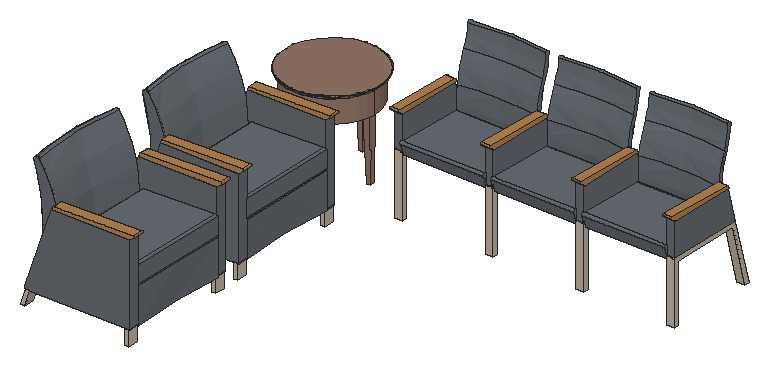
Revit family "T300157", category Furniture, Revit 2022
Family settings
  OmniClass Number = 23.40.20.00
  OmniClass Title = General Furniture and Specialties
  Work Plane-Based = No
  Always vertical = Yes
  Cut with Voids When Loaded = No
  Render Appearance Source = Family Geometry
  Shared = No
  Room Calculation Point = No
Parameters
  Default Elevation = 0' - 0"
Reference planes (in)
  plane 1 "Center Front/Back": y = 0
  plane 2: z = 0
  plane 3 "Center Left/Right": x = 0
Dimensions and locks (in)
  aligned and locked: level to plane 2
Nested families (in)
  nested 1: "INTERLUDE LOUNGE" at (-49, -17.16819, 0) x (0, 1, 0) z (0, 0, 1), type "INTERLUDE LOUNGE CHAIR"
  nested 2: "INTERLUDE LOUNGE" at (-49, 17.16819, 0) x (0, -1, 0) z (0, 0, 1), type "INTERLUDE LOUNGE CHAIR"
  nested 3: "CAR_EMBRACE_TABLES_RVT" at (-49, 49, 0), type "ROUND END TABLE 24"
  nested 4: "INTERLUDE MULTIPLE" at (-14.5, 52, 0), type "UPHOLSTERED BACK W/ UPHOLSTERED ARM PANELS, BASE CHAIR"
  nested 5: "INTERLUDE MULTIPLE" at (8.5, 52, 0), type "UPHOLSTERED BACK W/ UPHOLSTERED ARM PANELS, ADD ON CHAIR"
  nested 6: "INTERLUDE MULTIPLE" at (31.5, 52, 0), type "UPHOLSTERED BACK W/ UPHOLSTERED ARM PANELS, ADD ON CHAIR"
Definition of nested family "INTERLUDE LOUNGE"
  Parameters (values of type "INTERLUDE LOUNGE CHAIR")
    Width = 2' - 6"
    URL = "http://ofsbrands.com"
    Seat Material = none
    Model = "921-1"
    Manufacturer = "OFS BRANDS"
    Legs Material = none
    Height = 2' - 9 1/2"
    Description = "OFS BRANDS INTERLUDE LOUNGE CHAIR STANDARD FEATURES 30\""
    Depth = 2' - 4"
    Default Elevation = 0' - 0"
    Copyright © = "© OFS BRANDS 2017"
    Catalog = "OFS BRANDS http://ofs.com"
    Back Rest Material = none
    Authoring Version = "Autodesk Revit Architecture 2013"
    Assembly Code = "E2020200"
    ArmWidth = 0' - 2 1/2"
    Arm Rest Material = none
    Arm Caps Material = none
    3 = no
    2 = no
    1 = yes
  Types (4): name | Width | Model | Description | 3 | 2 | 1
    (no name) | 2' - 6" | "921-1" | "OFS BRANDS INTERLUDE LOUNGE CHAIR STANDARD FEATURES 30\"" | no | no | yes
    INTERLUDE LOUNGE CHAIR | 2' - 6" | "921-1" | "OFS BRANDS INTERLUDE LOUNGE CHAIR STANDARD FEATURES 30\"" | no | no | yes
    INTERLUDE LOUNGE LOVESEAT | 4' - 5" | "921-2" | "OFS BRANDS INTERLUDE LOUNGE LOVESEAT STANDARD FEATURES 53\"" | no | yes | no
    INTERLUDE LOUNGE SOFA | 6' - 6" | "921-3" | "OFS BRANDS INTERLUDE LOUNGE SOFA STANDARD FEATURES 78\"" | yes | no | no
  Reference planes (in)
    plane 1 "Center Front/Back": y = 0
    plane 2: z = 0
    plane 3 "Center Left/Right": x = 0
    plane 4 "Left End": x = -15
    plane 5 "Front End": y = -14
    plane 6 "Right End": x = 15
    plane 7 "Back End": y = 14
    plane 8: x = -12.5
    plane 9: x = 12.5
    plane 10: z = 33.5
    plane 11: z = 3.75
  Forms (in)
    Extrusion 1, solid, material <- "Arm Caps Material"
      sketch origin (0, 0, 0) x (0, 1, 0) y (0, 0, 1)
        loop
          line (-13.72355, 24.258) -> (5.74906, 24.258)
          arc (5.74906, 24.258) -> (5.84823, 24.3069) -> (5.8698, 24.41535) r 0.125
          line (5.8698, 24.41535) -> (5.72867, 24.94206)
          arc (5.72867, 24.94206) -> (5.68568, 25.00759) -> (5.61212, 25.03464) r 0.125
          line (5.61212, 25.03464) -> (-14.74163, 25.6244)
          arc (-14.74163, 25.6244) -> (-14.98466, 25.46078) -> (-14.90542, 25.17872) r 0.25
          line (-14.90542, 25.17872) -> (-13.7624, 24.27154)
          arc (-13.7624, 24.27154) -> (-13.74412, 24.26148) -> (-13.72355, 24.258) r 0.0625
      from 12.5 to 15
    Extrusion 2, solid, material <- "Legs Material"
      sketch origin (0, 0, 0) x (0, 1, 0) y (0, 0, 1)
        loop
          line (-13.49635, 3.75) -> (-13.49635, 0) -> (-12.49635, 0) -> (-12.49635, 3.75) -> (-13.49635, 3.75)
        loop
          line (11.70507, 3.75) -> (12.9963, 0) -> (14.05392, 0) -> (12.76269, 3.75) -> (11.70507, 3.75)
      from 12.5 to 15
    Extrusion 3, solid, material <- "Legs Material"
      sketch origin (0, 0, 0) x (0, 1, 0) y (0, 0, -1)
        loop
          line (14.05392, 0) -> (12.9963, 0) -> (11.70507, -3.75) -> (12.76269, -3.75) -> (14.05392, 0)
        loop
          line (-12.49635, 0) -> (-13.49635, 0) -> (-13.49635, -3.75) -> (-12.49635, -3.75) -> (-12.49635, 0)
      from 12.5 to 15
    Extrusion 4, solid, material <- "Arm Rest Material"
      sketch origin (0, 0, 0) x (0, 1, 0) y (0, 0, 1)
        loop
          line (-13.74635, 24.258) -> (-13.74635, 3.875)
          arc (-13.74635, 3.875) -> (-13.70974, 3.78661) -> (-13.62135, 3.75) r 0.125
          line (-13.62135, 3.75) -> (12.36931, 3.75)
          arc (12.36931, 3.75) -> (12.77637, 3.95965) -> (12.84207, 4.41278) r 0.5
          line (12.84207, 4.41278) -> (6.00882, 24.258) -> (-13.74635, 24.258)
      from 12.5 to 15
    Extrusion 5, solid, material <- "Arm Rest Material"
      sketch origin (0, 0, 0) x (0, 1, 0) y (0, 0, -1)
        loop
          line (-13.74635, -24.258) -> (6.00882, -24.258) -> (12.84207, -4.41278)
          arc (12.84207, -4.41278) -> (12.77637, -3.95965) -> (12.36931, -3.75) r 0.5
          line (12.36931, -3.75) -> (-13.62135, -3.75)
          arc (-13.62135, -3.75) -> (-13.70974, -3.78661) -> (-13.74635, -3.875) r 0.125
          line (-13.74635, -3.875) -> (-13.74635, -24.258)
      from 12.5 to 15
    Extrusion 6, solid, material <- "Arm Caps Material"
      sketch origin (0, 0, 0) x (0, 1, 0) y (0, 0, -1)
        loop
          arc (5.61212, -25.03464) -> (5.68568, -25.00759) -> (5.72867, -24.94206) r 0.125
          line (5.72867, -24.94206) -> (5.8698, -24.41535)
          arc (5.8698, -24.41535) -> (5.84823, -24.3069) -> (5.74906, -24.258) r 0.125
          line (5.74906, -24.258) -> (-13.72355, -24.258)
          arc (-13.72355, -24.258) -> (-13.74412, -24.26148) -> (-13.7624, -24.27154) r 0.0625
          line (-13.7624, -24.27154) -> (-14.90542, -25.17872)
          arc (-14.90542, -25.17872) -> (-14.98466, -25.46078) -> (-14.74163, -25.6244) r 0.25
          line (-14.74163, -25.6244) -> (5.61212, -25.03464)
      from 12.5 to 15
    Revolve 7, solid, material <- "Back Rest Material", visible <- "1"
      sketch origin (0, 0, 0) x (0, 1, 0) y (0, 0, 1)
        loop
          arc (13.71652, 32.2244) -> (13.69894, 32.57687) -> (13.45266, 32.82963) r 0.49918
          line (13.45266, 32.82963) -> (12.9598, 33.05991)
          arc (12.9598, 33.05991) -> (12.61293, 33.08829) -> (12.33157, 32.88345) r 0.5
          arc (12.33157, 32.88345) -> (7.7674, 21.86459) -> (7.69528, 9.93807) r 31.03911
          arc (7.69528, 9.93807) -> (8.31489, 7.04507) -> (8.91992, 4.14898) r 587.23286
          arc (8.91992, 4.14898) -> (9.09378, 3.86237) -> (9.40961, 3.75) r 0.5
          line (9.40961, 3.75) -> (13.34847, 3.75)
          arc (13.34847, 3.75) -> (13.55472, 3.85671) -> (13.58676, 4.08671) r 0.25267
          arc (13.58676, 4.08671) -> (11.55194, 18.16524) -> (13.71652, 32.2244) r 48.18401
        axis (-52.05091, 33.05991) -> (-52.05091, 3.75)
      angle from 12 to -12
    Extrusion 8, solid, material <- "Seat Material"
      sketch origin (0, 0, 0) x (0, 1, 0) y (0, 0, 1)
        loop
          line (-12.49635, 13.75) -> (4.37865, 13.75) -> (4.37865, 12.75) -> (4.62865, 12.75)
          arc (4.62865, 12.75) -> (4.98221, 12.89645) -> (5.12865, 13.25) r 0.5
          line (5.12865, 13.25) -> (5.12865, 16.85423)
          arc (5.12865, 16.85423) -> (5.00369, 17.18491) -> (4.69125, 17.3503) r 0.5
          arc (4.69125, 17.3503) -> (-4.35092, 18.08557) -> (-13.42267, 18.01622) r 102.21579
          arc (-13.42267, 18.01622) -> (-13.7506, 17.87282) -> (-13.90247, 17.54873) r 0.50776
          arc (-13.90247, 17.54873) -> (-13.98886, 15.38145) -> (-13.90963, 13.21391) r 28.40637
          arc (-13.90963, 13.21391) -> (-13.7507, 12.88384) -> (-13.40969, 12.75) r 0.50133
          line (-13.40969, 12.75) -> (-12.49635, 12.75) -> (-12.49635, 13.75)
      from -12.5 to 12.5
    Extrusion 9, void
      sketch origin (0, 0, 0) x (1, 0, 0) y (0, 0, 1)
        loop
          line (-12.5, 33.5) -> (-15, 33.5) -> (-15, 0) -> (-12.5, 0) -> (-12.5, 33.5)
      from -17.14619 to -3.87865
    Extrusion 10, void
      sketch origin (0, 0, 0) x (-1, 0, 0) y (0, 0, -1)
        loop
          line (-12.5, -33.5) -> (-12.5, 0) -> (-15, 0) -> (-15, -33.5) -> (-12.5, -33.5)
      from -17.14619 to -3.87865
    Blend 11, solid, material <- "Seat Material"
      base sketch origin (0, 0, 0) x (1, 0, 0) y (0, 1, 0)
        loop
          arc (-12.5, -13.92267) -> (0, -13.25139) -> (12.5, -13.92267) r 116.71723
          line (12.5, -13.92267) -> (12.5, -12.90169)
          arc (12.5, -12.90169) -> (0, -12.23623) -> (-12.5, -12.90169) r 117.73239
          line (-12.5, -12.90169) -> (-12.5, -13.92267)
      top sketch origin (0, 0, 0) x (1, 0, 0) y (0, 1, 0)
        loop
          line (12.5, -12.90169) -> (-12.5, -12.90169) -> (-12.5, -13.92267) -> (12.5, -13.92267) -> (12.5, -12.90169)
      from 3.75 to 12.75
    Revolve 12, solid, material <- "Back Rest Material", visible <- "2"
      sketch origin (0, 0, 0) x (0, 1, 0) y (0, 0, 1)
        loop
          arc (13.71652, 32.2244) -> (13.69894, 32.57687) -> (13.45266, 32.82963) r 0.49918
          line (13.45266, 32.82963) -> (12.9598, 33.05991)
          arc (12.9598, 33.05991) -> (12.61293, 33.08829) -> (12.33157, 32.88345) r 0.5
          arc (12.33157, 32.88345) -> (7.7674, 21.86459) -> (7.69528, 9.93807) r 31.03911
          arc (7.69528, 9.93807) -> (8.31489, 7.04507) -> (8.91992, 4.14898) r 587.23286
          arc (8.91992, 4.14898) -> (9.09378, 3.86237) -> (9.40961, 3.75) r 0.5
          line (9.40961, 3.75) -> (13.34847, 3.75)
          arc (13.34847, 3.75) -> (13.55472, 3.85671) -> (13.58676, 4.08671) r 0.25267
          arc (13.58676, 4.08671) -> (11.55194, 18.16524) -> (13.71652, 32.2244) r 48.18401
        axis (-136.12135, 33.05991) -> (-136.12135, 3.75)
      angle from -10 to 10
    Revolve 13, solid, material <- "Back Rest Material", visible <- "3"
      sketch origin (0, 0, 0) x (0, 1, 0) y (0, 0, 1)
        loop
          arc (13.71652, 32.2244) -> (13.69894, 32.57687) -> (13.45266, 32.82963) r 0.49918
          line (13.45266, 32.82963) -> (12.9598, 33.05991)
          arc (12.9598, 33.05991) -> (12.61293, 33.08829) -> (12.33157, 32.88345) r 0.5
          arc (12.33157, 32.88345) -> (7.7674, 21.86459) -> (7.69528, 9.93807) r 31.03911
          arc (7.69528, 9.93807) -> (8.31489, 7.04507) -> (8.91992, 4.14898) r 587.23286
          arc (8.91992, 4.14898) -> (9.09378, 3.86237) -> (9.40961, 3.75) r 0.5
          line (9.40961, 3.75) -> (13.34847, 3.75)
          arc (13.34847, 3.75) -> (13.55472, 3.85671) -> (13.58676, 4.08671) r 0.25267
          arc (13.58676, 4.08671) -> (11.55194, 18.16524) -> (13.71652, 32.2244) r 48.18401
        axis (-246.12135, 33.05991) -> (-246.12135, 3.75)
      angle from -8.5 to 8.5
  Cuts and joins
    Extrusion 9, Extrusion 10 cuts Revolve 7
    Extrusion 9, Extrusion 10 cuts Revolve 12
    Extrusion 9, Extrusion 10 cuts Revolve 13
  Dimensions and locks (in)
    equal spacing: plane 5 "Front End", plane 1 "Center Front/Back", plane 7 "Back End"
    equal spacing: plane 4 "Left End", plane 3 "Center Left/Right", plane 6 "Right End"
    "Width": plane 4 "Left End" to plane 6 "Right End"
    "Depth": plane 5 "Front End" to plane 7 "Back End"
    "ArmWidth": plane 4 "Left End" to plane 8
    "ArmWidth": plane 9 to plane 6 "Right End"
    "Height": plane 10 to level
    plane 1 "Center Front/Back" to Revolve 7 sketch curve = 4' - 4.05091"
    aligned and locked: level to plane 2
    aligned and locked: plane 9 to Extrusion 2
    aligned and locked: Extrusion 2 to plane 6 "Right End"
    aligned and locked: Extrusion 3 to plane 4 "Left End"
    aligned and locked: plane 8 to Extrusion 3
    aligned and locked: Extrusion 4 to plane 6 "Right End"
    aligned and locked: Extrusion 4 to Extrusion 2
    aligned and locked: Extrusion 5 to plane 4 "Left End"
    aligned and locked: plane 8 to Extrusion 5
    aligned and locked: plane 8 to Extrusion 6
    aligned and locked: Extrusion 6 to plane 4 "Left End"
    aligned and locked: Extrusion 1 to plane 6 "Right End"
    aligned and locked: plane 9 to Extrusion 1
    aligned and locked: Extrusion 8 to plane 8
    aligned and locked: Extrusion 8 to Extrusion 1
    aligned and locked: plane 8 to Extrusion 9 sketch curve
    aligned and locked: Extrusion 9 sketch curve to plane 4 "Left End"
    aligned and locked: plane 9 to Extrusion 10
    aligned and locked: Extrusion 10 to plane 6 "Right End"
    aligned and locked: Extrusion 6 to Blend 11 sketch curve
    aligned and locked: Extrusion 1 to Blend 11 sketch curve
    aligned and locked: Blend 11 sketch curve to plane 8
    aligned and locked: Blend 11 sketch curve to plane 9
    aligned and locked: Blend 11 to Extrusion 2
  Automatic sketch dimensions
    Extrusion 1 sketch curve to plane 5 "Front End" = 0' - 0.90542"
    Extrusion 1 sketch curve to plane 10 = 0' - 9.242"
    Extrusion 1 sketch curve to Extrusion 1 sketch curve = 0' - 0.16379"
    plane 5 "Front End" to Extrusion 1 sketch curve = 0' - 0.2376"
    Extrusion 1 sketch curve to Extrusion 1 sketch curve = 0' - 0.03885"
    Extrusion 1 sketch curve to plane 1 "Center Front/Back" = 0' - 5.61212"
    Extrusion 1 sketch curve to Extrusion 1 sketch curve = 0' - 0.11656"
    Extrusion 1 sketch curve to Extrusion 1 sketch curve = 0' - 0.02039"
    Extrusion 1 sketch curve to Extrusion 1 sketch curve = 0' - 0.12074"
    Extrusion 1 sketch curve to Extrusion 1 sketch curve = 0' - 0.00837"
    Extrusion 1 sketch curve to Extrusion 1 sketch curve = 0' - 0.00419"
    Extrusion 1 sketch curve to Extrusion 1 sketch curve = 0' - 0.01354"
    Extrusion 1 sketch curve to Extrusion 1 sketch curve = 0' - 0.15735"
    Extrusion 1 sketch curve to Extrusion 1 sketch curve = 0' - 0.52671"
    Extrusion 1 sketch curve to Extrusion 1 sketch curve = 0' - 0.09258"
    Extrusion 1 sketch curve to Extrusion 1 sketch curve = 0' - 0.90718"
    Extrusion 1 sketch curve to Extrusion 1 sketch curve = 0' - 0.44568"
    Extrusion 2 sketch curve to level = 0' - 0"  (x3)
    Extrusion 2 sketch curve to plane 11 = 0' - 0"  (x2)
    plane 5 "Front End" to Extrusion 2 sketch curve = 0' - 0.50365"
    Extrusion 2 sketch curve to Extrusion 2 sketch curve = 0' - 1"
    plane 7 "Back End" to Extrusion 2 sketch curve = 0' - 2.29493"
    Extrusion 2 sketch curve to Extrusion 2 sketch curve = 0' - 1.05762"
    plane 7 "Back End" to Extrusion 2 sketch curve = 0' - 1.0037"
    Extrusion 2 sketch curve to plane 7 "Back End" = 0' - 0.05392"
    Extrusion 3 sketch curve to level = 0' - 0"  (x2)
    Extrusion 3 sketch curve to plane 11 = 0' - 0"  (x2)
    plane 5 "Front End" to Extrusion 3 sketch curve = 0' - 0.50365"
    Extrusion 3 sketch curve to Extrusion 3 sketch curve = 0' - 1"
    plane 7 "Back End" to Extrusion 3 sketch curve = 0' - 2.29493"
    Extrusion 3 sketch curve to Extrusion 3 sketch curve = 0' - 1.05762"
    plane 7 "Back End" to Extrusion 3 sketch curve = 0' - 1.0037"
    Extrusion 3 sketch curve to plane 7 "Back End" = 0' - 0.05392"
    Extrusion 4 sketch curve to plane 11 = 0' - 0"
    plane 5 "Front End" to Extrusion 4 sketch curve = 0' - 0.25365"
    plane 11 to Extrusion 4 sketch curve = 0' - 0 1/8"
    Extrusion 4 sketch curve to plane 1 "Center Front/Back" = 0' - 6.00882"
    plane 7 "Back End" to Extrusion 4 sketch curve = 0' - 1.63069"
    plane 11 to Extrusion 4 sketch curve = 0' - 0.66278"
    Extrusion 4 sketch curve to Extrusion 4 sketch curve = 0' - 0.47276"
    Extrusion 4 sketch curve to plane 10 = 0' - 9.242"
    Extrusion 5 sketch curve to plane 11 = 0' - 0"
    plane 5 "Front End" to Extrusion 5 sketch curve = 0' - 0.25365"
    Extrusion 5 sketch curve to plane 10 = 0' - 9.242"
    Extrusion 5 sketch curve to Extrusion 5 sketch curve = 0' - 0 1/8"
    Extrusion 5 sketch curve to plane 1 "Center Front/Back" = 0' - 6.00882"
    plane 7 "Back End" to Extrusion 5 sketch curve = 0' - 1.63069"
    plane 11 to Extrusion 5 sketch curve = 0' - 0.66278"
    Extrusion 5 sketch curve to Extrusion 5 sketch curve = 0' - 0.47276"
    Extrusion 6 sketch curve to plane 5 "Front End" = 0' - 0.90542"
    Extrusion 6 sketch curve to plane 5 "Front End" = 0' - 0.74163"
    Extrusion 6 sketch curve to plane 10 = 0' - 7.8756"
    plane 5 "Front End" to Extrusion 6 sketch curve = 0' - 0.2376"
    Extrusion 6 sketch curve to Extrusion 6 sketch curve = 0' - 0.03885"
    Extrusion 6 sketch curve to plane 1 "Center Front/Back" = 0' - 5.61212"
    Extrusion 6 sketch curve to Extrusion 6 sketch curve = 0' - 0.11656"
    Extrusion 6 sketch curve to Extrusion 6 sketch curve = 0' - 0.02039"
    Extrusion 6 sketch curve to Extrusion 6 sketch curve = 0' - 0.12074"  (x2)
    Extrusion 6 sketch curve to Extrusion 6 sketch curve = 0' - 0.15542"
    Extrusion 6 sketch curve to Extrusion 6 sketch curve = 0' - 0.44568"
    Extrusion 6 sketch curve to plane 10 = 0' - 8.46536"
    Extrusion 6 sketch curve to Extrusion 6 sketch curve = 0' - 0.09258"
    Extrusion 6 sketch curve to Extrusion 6 sketch curve = 0' - 0.52671"
    Extrusion 6 sketch curve to Extrusion 6 sketch curve = 0' - 0.90718"
    Extrusion 6 sketch curve to Extrusion 6 sketch curve = 0' - 0.01354"
    plane 5 "Front End" to Extrusion 8 sketch curve = 0' - 0.59031"
    plane 11 to Extrusion 8 sketch curve = 0' - 9"  (x2)
    Extrusion 8 sketch curve to Extrusion 8 sketch curve = 0' - 0.91335"
    Extrusion 8 sketch curve to plane 1 "Center Front/Back" = 0' - 4.37865"
    Extrusion 8 sketch curve to Extrusion 8 sketch curve = 0' - 0 1/4"
    Extrusion 8 sketch curve to Extrusion 8 sketch curve = 0' - 0 1/2"  (x3)
    plane 5 "Front End" to Extrusion 8 sketch curve = 0' - 0.09037"
    Extrusion 8 sketch curve to Extrusion 8 sketch curve = 0' - 0"  (x4)
    plane 5 "Front End" to Extrusion 8 sketch curve = 0' - 0.09753"
    plane 5 "Front End" to Extrusion 8 sketch curve = 0' - 0.57733"
    plane 5 "Front End" to Extrusion 8 sketch curve = 0' - 0.60374"
    plane 5 "Front End" to Extrusion 8 sketch curve = 0' - 5.89388"
    Extrusion 8 sketch curve to Extrusion 8 sketch curve = 0' - 0.0626"
    Extrusion 8 sketch curve to plane 7 "Back End" = 0' - 0.41747"
    Extrusion 9 sketch curve to level = 0' - 0"
    Extrusion 9 sketch curve to plane 10 = 0' - 0"
    plane 6 "Right End" to Extrusion 10 sketch curve = 0' - 0"
    Extrusion 10 sketch curve to level = 0' - 0"
    plane 9 to Extrusion 10 sketch curve = 0' - 0"
    Extrusion 10 sketch curve to plane 10 = 0' - 0"
    Blend 11 sketch curve to plane 3 "Center Left/Right" = 0' - 0"
    Blend 11 sketch curve to Blend 11 sketch curve = 0' - 0"  (x2)
    Blend 11 sketch curve to Blend 11 sketch curve = 0' - 1.02098"  (x2)
    plane 5 "Front End" to Blend 11 sketch curve = 0' - 0.07733"  (x2)
    Blend 11 sketch curve to plane 5 "Front End" = 9' - 7.96862"
    Revolve 7 sketch curve to plane 11 = 0' - 0"
    plane 7 "Back End" to Revolve 7 sketch curve = 0' - 4.59039"
    Revolve 7 sketch curve to plane 10 = 0' - 0.67037"
    Revolve 7 sketch curve to plane 10 = 0' - 0.44009"
    plane 7 "Back End" to Revolve 7 sketch curve = 0' - 1.0402"
    plane 7 "Back End" to Revolve 7 sketch curve = 0' - 0.65153"
    Revolve 7 sketch curve to Revolve 7 sketch curve = 0' - 0.49286"
    Revolve 7 sketch curve to level = 9' - 6.4899"
    Revolve 7 sketch curve to Revolve 7 sketch curve = 42' - 10.15285"
    Revolve 7 sketch curve to Revolve 7 sketch curve = 0' - 1.71433"
    plane 11 to Revolve 7 sketch curve = 0' - 0.39898"
    Revolve 7 sketch curve to Revolve 7 sketch curve = 0' - 0.48969"
    Revolve 7 sketch curve to Revolve 7 sketch curve = 0' - 0.62823"
    Revolve 7 sketch curve to Revolve 7 sketch curve = 0' - 0"
    Revolve 7 sketch curve to Revolve 7 sketch curve = 0' - 0.41657"
    Revolve 7 sketch curve to Revolve 7 sketch curve = 0' - 0.21131"
    Revolve 7 sketch curve to Revolve 7 sketch curve = 0' - 0 61/256"
    plane 7 "Back End" to Revolve 7 sketch curve = 0' - 0.28348"
    plane 11 to Revolve 7 sketch curve = 0' - 11.96713"
    plane 11 to Revolve 7 sketch curve = 1' - 2.19304"
    Revolve 7 sketch curve to Revolve 7 sketch curve = 1' - 9.54379"
    plane 11 to Revolve 7 sketch curve = 0' - 0.25267"
    plane 11 to Revolve 7 sketch curve = 0' - 7.97049"
    plane 10 to Revolve 7 sketch curve = 0' - 8.22049"
    Revolve 12 sketch curve to plane 11 = 0' - 0"
    plane 7 "Back End" to Revolve 12 sketch curve = 0' - 4.59039"
    Revolve 12 sketch curve to plane 10 = 0' - 0.67037"
    Revolve 12 sketch curve to plane 10 = 0' - 0.44009"
    plane 7 "Back End" to Revolve 12 sketch curve = 0' - 1.0402"
    plane 7 "Back End" to Revolve 12 sketch curve = 0' - 0.65153"
    Revolve 12 sketch curve to Revolve 12 sketch curve = 0' - 0.49286"
    Revolve 12 sketch curve to level = 9' - 6.4899"
    Revolve 12 sketch curve to plane 5 "Front End" = 46' - 0.20376"
    plane 11 to Revolve 12 sketch curve = 0' - 7.97049"
    Revolve 12 sketch curve to plane 5 "Front End" = 10' - 2.12135"
    Revolve 12 sketch curve to Revolve 12 sketch curve = 0' - 1.71433"
    plane 11 to Revolve 12 sketch curve = 0' - 0.39898"
    Revolve 12 sketch curve to Revolve 12 sketch curve = 0' - 0.48969"
    Revolve 12 sketch curve to Revolve 12 sketch curve = 0' - 0.62823"
    Revolve 12 sketch curve to Revolve 12 sketch curve = 0' - 0"
    Revolve 12 sketch curve to Revolve 12 sketch curve = 0' - 0.41657"
    Revolve 12 sketch curve to Revolve 12 sketch curve = 0' - 0.21131"
    Revolve 12 sketch curve to Revolve 12 sketch curve = 0' - 0 61/256"
    plane 7 "Back End" to Revolve 12 sketch curve = 0' - 0.28348"
    plane 11 to Revolve 12 sketch curve = 0' - 11.96713"
    plane 11 to Revolve 12 sketch curve = 1' - 2.19304"
    Revolve 12 sketch curve to Revolve 12 sketch curve = 1' - 9.54379"
    plane 11 to Revolve 12 sketch curve = 0' - 0.25267"
    plane 10 to Revolve 12 sketch curve = 0' - 8.22049"
    Revolve 13 sketch curve to plane 11 = 0' - 0"
    plane 7 "Back End" to Revolve 13 sketch curve = 0' - 4.59039"
    Revolve 13 sketch curve to plane 10 = 0' - 0.67037"
    Revolve 13 sketch curve to plane 10 = 0' - 0.44009"
    plane 7 "Back End" to Revolve 13 sketch curve = 0' - 1.0402"
    plane 7 "Back End" to Revolve 13 sketch curve = 0' - 0.65153"
    Revolve 13 sketch curve to Revolve 13 sketch curve = 0' - 0.49286"
    Revolve 13 sketch curve to level = 9' - 6.4899"
    Revolve 13 sketch curve to plane 5 "Front End" = 46' - 0.20376"
    plane 11 to Revolve 13 sketch curve = 0' - 7.97049"
    Revolve 13 sketch curve to plane 5 "Front End" = 19' - 4.12135"
    Revolve 13 sketch curve to Revolve 13 sketch curve = 0' - 1.71433"
    plane 11 to Revolve 13 sketch curve = 0' - 0.39898"
    Revolve 13 sketch curve to Revolve 13 sketch curve = 0' - 0.48969"
    Revolve 13 sketch curve to Revolve 13 sketch curve = 0' - 0.62823"
    Revolve 13 sketch curve to Revolve 13 sketch curve = 0' - 0"
    Revolve 13 sketch curve to Revolve 13 sketch curve = 0' - 0.21166"
    Revolve 13 sketch curve to Revolve 13 sketch curve = 0' - 0.21131"
    Revolve 13 sketch curve to Revolve 13 sketch curve = 0' - 0 61/256"
    plane 7 "Back End" to Revolve 13 sketch curve = 0' - 0.28348"
    plane 11 to Revolve 13 sketch curve = 0' - 11.96713"
    plane 11 to Revolve 13 sketch curve = 1' - 2.19304"
    Revolve 13 sketch curve to Revolve 13 sketch curve = 1' - 9.54379"
    plane 11 to Revolve 13 sketch curve = 0' - 0.25267"
    plane 10 to Revolve 13 sketch curve = 0' - 8.22049"
Definition of nested family "CAR_EMBRACE_TABLES_RVT"
  Parameters (values of type "ROUND COCKTAIL TABLE")
    W3 = 0' - 0.36405"
    W2 = 0' - 0.82345"
    W = 2' - 0"
    URL = "http://ofsbrands.com"
    SQUARE TABLE = no
    ROUND TABLE = yes
    Model = "EFC108-32RD"
    Manufacturer = "OFS BRANDS"
    LEG.P.R2 = 2' - 3.87996"
    LEG.P.R1 = 2' - 3.87996"
    LEG POSITION1 = 0' - 0 5/8"
    LEG POSITION 2 = 0' - 1 13/16"
    H3 = 0' - 6"
    H2 = 0' - 1"
    H.R2 = 1' - 5"
    H.R = 1' - 6"
    H LEG = 0' - 11"
    H = 1' - 6"
    Description = "OFS BRANDS Embrace Tables"
    Default Elevation = 0' - 0"
    DIAMETER2 = 2' - 5.06353"
    DIAMETER = 2' - 8.18395"
    D2 = 0' - 1 3/16"
    D = 2' - 0"
    Copyright © = "© OFS BRANDS 2017"
    Catalog = "OFS BRANDS http://ofs.com"
    Authoring Version = "Autodesk Revit Architecture 2013"
    Assembly Code = "E2020200"
  Types (6): name | W | SQUARE TABLE | ROUND TABLE | Model | LEG.P.R2 | LEG.P.R1 | H.R2 | H.R | H LEG | H | DIAMETER2 | DIAMETER | D
    (no name) | 2' - 0" | no | yes | "EFC108-32RD" | 2' - 3.87996" | 2' - 3.87996" | 1' - 5" | 1' - 6" | 0' - 11" | 1' - 6" | 2' - 5.06353" | 2' - 8.18395" | 2' - 0"
    RECTANGLE CONSOLE TABLE | 5' - 0" | yes | no | "EFC108-18X60" | 1' - 2 5/32" | 1' - 2 5/32" | 2' - 11" | 3' - 0" | 2' - 5" | 3' - 0" | 1' - 4" | 1' - 5" | 1' - 6"
    SQUARE END TABLE | 2' - 0" | yes | no | "EFC108-24SQ" | 1' - 4" | 1' - 4" | 1' - 5" | 1' - 6" | 1' - 4" | 1' - 11" | 1' - 5" | 1' - 6" | 2' - 0"
    ROUND COCKTAIL TABLE | 2' - 0" | no | yes | "EFC108-32RD" | 2' - 3.87996" | 2' - 3.87996" | 1' - 5" | 1' - 6" | 0' - 11" | 1' - 6" | 2' - 5.06353" | 2' - 8.18395" | 2' - 0"
    ROUND END TABLE 24 | 2' - 0" | no | yes | "EFC108-24RD" | 1' - 8 5/32" | 1' - 8 5/32" | 1' - 10" | 1' - 11" | 1' - 4" | 1' - 11" | 1' - 9 1/2" | 2' - 0" | 2' - 0"
    ROUND END TABLE 18 | 2' - 0" | no | yes | "EFC108-18RD" | 1' - 2 5/32" | 1' - 2 5/32" | 1' - 10" | 1' - 11" | 1' - 4" | 1' - 11" | 1' - 3 1/2" | 1' - 6" | 2' - 0"
  Reference planes (in)
    plane 1 "Center F/B": y = 0
    plane 2: z = 0
    plane 3 "Center L/R": x = 0
    plane 4: y = 12
    plane 5: y = -12
    plane 6: x = -12
    plane 7: x = 12
    plane 8: z = 18
    plane 9: y = 11.17655
    plane 10: y = -11.17655
    plane 11: y = 10.812
    plane 12: y = -10.8125
    plane 13: y = -10.1875
    plane 14: y = 10.187
    plane 15: x = -10.1875
    plane 16: x = -29.17655
    plane 17: x = -10.8125
    plane 18: x = 29.17655
    plane 19: x = 10.8125
    plane 20: x = 10.1875
    plane 21: z = 17
    plane 22: z = 11
    plane 23: z = 11
    plane 24: y = 13.93998
    plane 25: y = -13.93998
    plane 26: x = -13.93998
    plane 27: x = 13.93998
    plane 28: z = 18
    plane 29: z = 17
  Forms (in)
    Extrusion 1, solid, visible <- "SQUARE TABLE"
      sketch origin (0, 0, 0) x (1, 0, 0) y (0, 1, 0)
        loop
          line (-10.8125, 10.812) -> (-10.8125, -10.8125) -> (10.8125, -10.8125) -> (10.8125, 10.812) -> (-10.8125, 10.812)
      from 11 to 17
    Blend 2, solid, visible <- "SQUARE TABLE"
      base sketch origin (0, 0, 0) x (1, 0, 0) y (0, 1, 0)
        loop
          line (-10.1875, 8.8125) -> (-8.8125, 8.8125) -> (-8.8125, 10.187) -> (-10.1875, 10.187) -> (-10.1875, 8.8125)
      top sketch origin (0, 0, 0) x (1, 0, 0) y (0, 1, 0)
        loop
          line (-10.1875, 10.187) -> (-10.1875, 8.43754) -> (-8.4375, 8.43754) -> (-8.4375, 10.187) -> (-10.1875, 10.187)
      from 0 to 11
    Blend 3, solid, visible <- "SQUARE TABLE"
      base sketch origin (0, 0, 0) x (1, 0, 0) y (0, 1, 0)
        loop
          line (-10.1875, -8.8125) -> (-10.1875, -10.187) -> (-8.8125, -10.187) -> (-8.8125, -8.8125) -> (-10.1875, -8.8125)
      top sketch origin (0, 0, 0) x (1, 0, 0) y (0, 1, 0)
        loop
          line (-10.1875, -10.187) -> (-8.4375, -10.187) -> (-8.4375, -8.43754) -> (-10.1875, -8.43754) -> (-10.1875, -10.187)
      from 0 to 11
    Blend 4, solid, visible <- "SQUARE TABLE"
      base sketch origin (0, 0, 0) x (-1, 0, 0) y (0, -1, 0)
        loop
          line (-10.1875, -8.8125) -> (-10.1875, -10.187) -> (-8.8125, -10.187) -> (-8.8125, -8.8125) -> (-10.1875, -8.8125)
      top sketch origin (0, 0, 0) x (-1, 0, 0) y (0, -1, 0)
        loop
          line (-10.1875, -10.187) -> (-8.4375, -10.187) -> (-8.4375, -8.43754) -> (-10.1875, -8.43754) -> (-10.1875, -10.187)
      from 0 to 11
    Blend 5, solid, visible <- "SQUARE TABLE"
      base sketch origin (0, 0, 0) x (-1, 0, 0) y (0, -1, 0)
        loop
          line (-10.1875, 8.8125) -> (-8.8125, 8.8125) -> (-8.8125, 10.187) -> (-10.1875, 10.187) -> (-10.1875, 8.8125)
      top sketch origin (0, 0, 0) x (-1, 0, 0) y (0, -1, 0)
        loop
          line (-10.1875, 10.187) -> (-10.1875, 8.43754) -> (-8.4375, 8.43754) -> (-8.4375, 10.187) -> (-10.1875, 10.187)
      from 0 to 11
    Extrusion 6, solid, visible <- "SQUARE TABLE"
      sketch origin (0, 0, 0) x (1, 0, 0) y (0, 1, 0)
        loop
          line (-12, 12) -> (-12, -12) -> (12, -12) -> (12, 12) -> (-12, 12)
      from 17 to 18
    Sweep 7, void
      path in 3D
        loop
          line (-12, 12, 18) -> (-12, -12, 18) -> (12, -12, 18) -> (12, 12, 18) -> (-12, 12, 18)
      profile origin (0, 12, 18) x (0, -1, 0) y (0, 0, 1)
        loop
          line (-0.04469, 0.02093) -> (-0.04469, -1) -> (0.82345, -1) -> (0.06073, -0.30015)
          arc (0.06073, -0.30015) -> (0.00633, -0.11369) -> (0.14635, 0.02093) r 0.1875
          line (0.14635, 0.02093) -> (-0.04469, 0.02093)
    Blend 8, solid, visible <- "ROUND TABLE"
      base sketch origin (0, 0, 0) x (0, 1, 0) y (-1, 0, 0)
        loop
          line (-0.5, 13.93998) -> (-0.5, 12.93998) -> (0.5, 12.93998) -> (0.5, 13.93998) -> (-0.5, 13.93998)
      top sketch origin (0, 0, 0) x (0, 1, 0) y (-1, 0, 0)
        loop
          line (-0.87471, 13.93998) -> (-0.87471, 12.19114) -> (0.87471, 12.19114) -> (0.87471, 13.93998) -> (-0.87471, 13.93998)
      from 0 to 11
    Blend 9, solid, visible <- "ROUND TABLE"
      base sketch origin (0, 0, 0) x (0, 1, 0) y (-1, 0, 0)
        loop
          line (-0.5, -13.93998) -> (0.5, -13.93998) -> (0.5, -12.93998) -> (-0.5, -12.93998) -> (-0.5, -13.93998)
      top sketch origin (0, 0, 0) x (0, 1, 0) y (-1, 0, 0)
        loop
          line (-0.87471, -13.93998) -> (0.87471, -13.93998) -> (0.87471, -12.19114) -> (-0.87471, -12.19114) -> (-0.87471, -13.93998)
      from 0 to 11
    Extrusion 10, solid, visible <- "ROUND TABLE"
      sketch origin (0, 0, -4.99999) x (1, 0, 0) y (0, 1, 0)
        loop
          circle (0, 0) r 14.53177
      from 15.99999 to 22
    Blend 11, solid, visible <- "ROUND TABLE"
      base sketch origin (0, 0, 0) x (1, 0, 0) y (0, 1, 0)
        loop
          line (-0.5, 13.93998) -> (-0.5, 12.93998) -> (0.5, 12.93998) -> (0.5, 13.93998) -> (-0.5, 13.93998)
      top sketch origin (0, 0, 0) x (1, 0, 0) y (0, 1, 0)
        loop
          line (-0.87471, 13.93998) -> (-0.87471, 12.19114) -> (0.87471, 12.19114) -> (0.87471, 13.93998) -> (-0.87471, 13.93998)
      from 0 to 11
    Blend 12, solid, visible <- "ROUND TABLE"
      base sketch origin (0, 0, 0) x (1, 0, 0) y (0, 1, 0)
        loop
          line (-0.5, -13.93998) -> (0.5, -13.93998) -> (0.5, -12.93998) -> (-0.5, -12.93998) -> (-0.5, -13.93998)
      top sketch origin (0, 0, 0) x (1, 0, 0) y (0, 1, 0)
        loop
          line (-0.87471, -13.93998) -> (0.87471, -13.93998) -> (0.87471, -12.19114) -> (-0.87471, -12.19114) -> (-0.87471, -13.93998)
      from 0 to 11
    Extrusion 13, solid, visible <- "ROUND TABLE"
      sketch origin (0, 0, 0) x (1, 0, 0) y (0, 1, 0)
        loop
          circle (0, 0) r 16.09198
      from 17 to 18
    Sweep 14, void
      path in 3D
        loop
          arc (16.09198, 0, 18) -> (0, -16.09198, 18) -> (-16.09198, 0, 18) r 16.09198
          arc (-16.09198, 0, 18) -> (0, 16.09198, 18) -> (16.09198, 0, 18) r 16.09198
      profile origin (0, 16.09198, 18) x (0, 1, 0) y (0, 0, 1)
        loop
          line (-0.05962, -0.30015) -> (-0.82233, -1) -> (0.0922, -1) -> (0.0922, 0) -> (-0.09198, 0)
          arc (-0.09198, 0) -> (0.00004, -0.1419) -> (-0.05962, -0.30015) r 0.1875
  Cuts and joins
    Sweep 7 cuts Extrusion 6
    Sweep 14 cuts Extrusion 13
  Lines and regions (in)
    sketch lines
      curve 1: line (12, 12, 18) -> (-12, 12, 18)
      curve 2: line (-12, 12, 18) -> (-12, -12, 18)
      curve 3: line (-12, -12, 18) -> (12, -12, 18)
      curve 4: line (12, -12, 18) -> (12, 12, 18)
      curve 5: arc (-16.09198, 0, 18) -> (0, 16.09198, 18) -> (16.09198, 0, 18) r 16.09198
      curve 6: arc (16.09198, 0, 18) -> (0, -16.09198, 18) -> (-16.09198, 0, 18) r 16.09198
  Dimensions and locks (in)
    "D": plane 4 to plane 5
    "W": plane 6 to plane 7
    "H": plane 8 to level
    locked: plane 4 to plane 9 at 0.82345
    plane 9 to plane 11 = 0' - 0.36455"
    "W2": plane 5 to plane 10
    "W3": plane 10 to plane 12
    equal spacing: plane 6, plane 3 "Center L/R", plane 7
    equal spacing: plane 4, plane 1 "Center F/B", plane 5
    "LEG POSITION1": plane 13 to plane 12
    "LEG POSITION1": plane 11 to plane 14
    "LEG POSITION 2": plane 6 to plane 15
    "LEG POSITION 2": plane 20 to plane 7
    "D2": plane 6 to plane 17
    "D2": plane 19 to plane 7
    "H2": plane 8 to plane 21
    "H3": Extrusion 1 to Extrusion 1
    "H LEG": plane 23 to level
    "H.R": plane 28 to level
    "LEG.P.R2": plane 24 to plane 25
    equal spacing: plane 24, plane 1 "Center F/B", plane 25
    equal spacing: plane 26, plane 3 "Center L/R", plane 27
    "LEG.P.R1": plane 26 to plane 27
    "H.R2": plane 29 to level
    "DIAMETER2": diameter of Extrusion 10 sketch curve
    "DIAMETER": diameter of Extrusion 13 sketch curve
    aligned and locked: level to plane 2
    aligned and locked: plane 11 to Extrusion 1
    aligned and locked: Extrusion 1 to plane 12
    aligned and locked: Blend 2 to Extrusion 1
    aligned and locked: plane 8 to Extrusion 6
    aligned and locked: Extrusion 6 to Extrusion 1
    aligned and locked: Blend 3 to Extrusion 1
    aligned and locked: Blend 5 to Extrusion 1
    aligned and locked: Blend 4 to Extrusion 1
    aligned and locked: Blend 8 to Extrusion 1
    aligned and locked: Blend 9 to Extrusion 1
    aligned and locked: Extrusion 10 to Extrusion 1  (x2)
    aligned and locked: Blend 12 to Blend 2
    aligned and locked: Blend 11 to Blend 2
    aligned and locked: Extrusion 10 to plane 23
    aligned and locked: plane 28 to Extrusion 13
    aligned and locked: Extrusion 13 to plane 29
  Automatic sketch dimensions
    Extrusion 1 sketch curve to plane 12 = 0' - 0"
    Extrusion 1 sketch curve to plane 17 = 0' - 0"
    Extrusion 1 sketch curve to plane 11 = 0' - 0"
    Extrusion 1 sketch curve to plane 19 = 0' - 0"
    Blend 2 sketch curve to plane 15 = 0' - 0"  (x2)
    Blend 2 sketch curve to plane 14 = 0' - 0"  (x2)
    Blend 2 sketch curve to plane 14 = 0' - 1.3745"
    plane 15 to Blend 2 sketch curve = 0' - 1 3/8"
    Blend 2 sketch curve to plane 14 = 0' - 1.74946"
    plane 15 to Blend 2 sketch curve = 0' - 1 3/4"
    Blend 3 sketch curve to plane 15 = 0' - 0"  (x2)
    Blend 3 sketch curve to plane 13 = 0' - 1 3/8"
    Blend 3 sketch curve to plane 13 = 0' - 0.0005"  (x2)
    Blend 3 sketch curve to plane 15 = 0' - 1 3/8"
    Blend 3 sketch curve to plane 13 = 0' - 1.74996"
    Blend 3 sketch curve to plane 15 = 0' - 1 3/4"
    Blend 4 sketch curve to plane 20 = 0' - 0"  (x2)
    Blend 4 sketch curve to plane 14 = 0' - 0"  (x2)
    plane 14 to Blend 4 sketch curve = 0' - 1.3745"
    plane 20 to Blend 4 sketch curve = 0' - 1 3/8"
    plane 14 to Blend 4 sketch curve = 0' - 1.74946"
    plane 20 to Blend 4 sketch curve = 0' - 1 3/4"
    Blend 5 sketch curve to plane 20 = 0' - 0"  (x2)
    plane 13 to Blend 5 sketch curve = 0' - 1 3/8"
    plane 13 to Blend 5 sketch curve = 0' - 0.0005"  (x2)
    Blend 5 sketch curve to plane 20 = 0' - 1 3/8"
    plane 13 to Blend 5 sketch curve = 0' - 1.74996"
    Blend 5 sketch curve to plane 20 = 0' - 1 3/4"
    Extrusion 6 sketch curve to plane 4 = 0' - 0"
    Extrusion 6 sketch curve to plane 6 = 0' - 0"
    plane 5 to Extrusion 6 sketch curve = 0' - 0"
    Extrusion 6 sketch curve to plane 7 = 0' - 0"
    profile plane to Sweep 7 sketch curve = 0' - 0.04469"
    Sweep 7 sketch curve to profile plane = 0' - 1"
    Sweep 7 sketch curve to profile plane = 0' - 0.06073"
    profile plane to Sweep 7 sketch curve = 0' - 0.02093"
    Sweep 7 sketch curve to profile plane = 0' - 0.14635"
    Sweep 7 sketch curve to profile plane = 0' - 0.82345"
    Sweep 7 sketch curve to profile plane = 0' - 0 3/16"
    Sweep 7 sketch curve to profile plane = 0' - 0.30015"
    Blend 8 sketch curve to plane 26 = 0' - 0"  (x2)
    plane 1 "Center F/B" to Blend 8 sketch curve = 0' - 0 1/2"
    Blend 8 sketch curve to plane 26 = 0' - 1"
    Blend 8 sketch curve to plane 1 "Center F/B" = 0' - 0 1/2"
    plane 1 "Center F/B" to Blend 8 sketch curve = 0' - 0.87471"
    Blend 8 sketch curve to plane 26 = 0' - 1.74884"
    Blend 8 sketch curve to plane 1 "Center F/B" = 0' - 0.87471"
    Blend 9 sketch curve to plane 27 = 0' - 0"  (x2)
    Blend 9 sketch curve to plane 1 "Center F/B" = 0' - 0 1/2"
    plane 27 to Blend 9 sketch curve = 0' - 1"
    plane 1 "Center F/B" to Blend 9 sketch curve = 0' - 0 1/2"
    Blend 9 sketch curve to plane 1 "Center F/B" = 0' - 0.87471"
    plane 27 to Blend 9 sketch curve = 0' - 1.74884"
    plane 1 "Center F/B" to Blend 9 sketch curve = 0' - 0.87471"
    Blend 11 sketch curve to plane 24 = 0' - 0"  (x2)
    Blend 11 sketch curve to plane 3 "Center L/R" = 0' - 0 1/2"
    Blend 11 sketch curve to plane 24 = 0' - 1"
    plane 3 "Center L/R" to Blend 11 sketch curve = 0' - 0 1/2"
    Blend 11 sketch curve to plane 3 "Center L/R" = 0' - 0.87471"
    Blend 11 sketch curve to plane 24 = 0' - 1.74884"
    plane 3 "Center L/R" to Blend 11 sketch curve = 0' - 0.87471"
    Blend 12 sketch curve to plane 25 = 0' - 0"  (x2)
    plane 3 "Center L/R" to Blend 12 sketch curve = 0' - 0 1/2"
    Blend 12 sketch curve to plane 25 = 0' - 1"
    Blend 12 sketch curve to plane 3 "Center L/R" = 0' - 0 1/2"
    plane 3 "Center L/R" to Blend 12 sketch curve = 0' - 0.87471"
    Blend 12 sketch curve to plane 25 = 0' - 1.74884"
    Blend 12 sketch curve to plane 3 "Center L/R" = 0' - 0.87471"
    profile plane to Sweep 14 sketch curve = 0' - 0.82233"
    Sweep 14 sketch curve to profile plane = 0' - 1"
    Sweep 14 sketch curve to profile plane = 0' - 0"
    Sweep 14 sketch curve to profile plane = 0' - 0.0922"
    profile plane to Sweep 14 sketch curve = 0' - 0.18638"
    profile plane to Sweep 14 sketch curve = 0' - 0.09198"
    profile plane to Sweep 14 sketch curve = 0' - 0.05962"
    Sweep 14 sketch curve to profile plane = 0' - 0.30015"
    plane 1 "Center F/B" to Extrusion 10 sketch curve = 0' - 0"
    Extrusion 10 sketch curve to plane 3 "Center L/R" = 0' - 0"
    plane 1 "Center F/B" to Extrusion 13 sketch curve = 0' - 0"
    Extrusion 13 sketch curve to plane 3 "Center L/R" = 0' - 0"
Definition of nested family "INTERLUDE MULTIPLE"
  Parameters (values of type "KNIT BACK W/ OPEN ARMS ADD ON BARIATRIC")
    Width = 2' - 10 1/2"
    URL = "http://ofsbrands.com"
    Seat Material = none
    RL = yes
    RAR2 = yes
    RAR1 = no
    RAC = yes
    Model = "1921OA-OBA"
    Manufacturer = "OFS BRANDS"
    Legs Material = none
    LL = no
    LAR2 = no
    LAR1 = no
    LAC = no
    Knit Detail Material = none
    Height = 3' - 0 3/4"
    Description = "OFS BRANDS KNIT BACK W/ OPEN ARMS ADD ON BARIATRIC 32.5\""
    Depth = 2' - 0 1/2"
    Default Elevation = 0' - 0"
    Copyright © = "© OFS BRANDS 2017"
    Catalog = "OFS BRANDS http://ofs.com"
    Back Rest Material = none
    BD3 = yes
    BD2 = no
    BD1 = no
    BACK 3 = yes
    BACK 2 = no
    BACK 1 = no
    Authoring Version = "Autodesk Revit Architecture 2013"
    Assembly Code = "E2020200"
    ArmWidth = 0' - 2"
    Arm Rest Material = none
    Arm Caps Material = none
  Types (25): name | Width | RAR2 | RAR1 | Model | LL | LAR2 | LAR1 | LAC | Description | BD3 | BD2 | BD1 | BACK 3 | BACK 2 | BACK 1
    (no name) | 2' - 10 1/2" | yes | no | "1921OA-OBA" | no | no | no | no | "OFS BRANDS KNIT BACK W/ OPEN ARMS ADD ON BARIATRIC 32.5\"" | yes | no | no | yes | no | no
    KNIT BACK W/ UPHOLSTERED ARM PANELS BASE CHAIR | 2' - 1" | no | yes | "1921-C" | yes | no | yes | yes | "OFS BRANDS KNIT BACK W/ UPHOLSTERED ARM PANELS BASE CHAIR 25\"" | no | no | yes | no | no | yes
    KNIT BACK W/ UPHOLSTERED ARM PANELS BASE LOVESEAT | 3' - 10" | no | yes | "1921-2" | yes | no | yes | yes | "OFS BRANDS KNIT BACK W/ UPHOLSTERED ARM PANELS BASE LOVESEAT 46\"" | no | yes | no | no | yes | no
    KNIT BACK W/ UPHOLSTERED ARM PANELS BASE BARIATRIC | 2' - 10 1/2" | no | yes | "1921-OB" | yes | no | yes | yes | "OFS BRANDS KNIT BACK W/ UPHOLSTERED ARM PANELS BASE BARIATRIC 34.5\"" | yes | no | no | yes | no | no
    KNIT BACK W/ UPHOLSTERED ARM PANELS ADD ON CHAIR | 2' - 1" | no | yes | "1921-A" | no | no | no | no | "OFS BRANDS KNIT BACK W/ UPHOLSTERED ARM PANELS ADD ON CHAIR 23\"" | no | no | yes | no | no | yes
    KNIT BACK W/ UPHOLSTERED ARM PANELS ADD ON BARIATRIC | 2' - 10 1/2" | no | yes | "1921-OBA" | no | no | no | no | "OFS BRANDS KNIT BACK W/ UPHOLSTERED ARM PANELS ADD ON BARIATRIC 32.5\"" | yes | no | no | yes | no | no
    KNIT BACK W/ UPHOLSTERED ARM PANELS ADD ON LOVESEAT | 3' - 10" | no | yes | "1921-2A" | no | no | no | no | "OFS BRANDS KNIT BACK W/ UPHOLSTERED ARM PANELS ADD ON LOVESEAT 44\"" | no | yes | no | no | yes | no
    KNIT BACK W/ OPEN ARMS BASE CHAIR | 2' - 1" | yes | no | "1921OA-C" | yes | yes | no | yes | "OFS BRANDS KNIT BACK W/ OPEN ARMS BASE CHAIR 25\"" | no | no | yes | no | no | yes
    KNIT BACK W/ OPEN ARMS BASE LOVESEAT | 3' - 10" | yes | no | "1921OA-2" | yes | yes | no | yes | "OFS BRANDS KNIT BACK W/ OPEN ARMS BASE LOVESEAT 46\"" | no | yes | no | no | yes | no
    KNIT BACK W/ OPEN ARMS BASE BARIATRIC | 2' - 10 1/2" | yes | no | "1921OA-OB" | yes | yes | no | yes | "OFS BRANDS KNIT BACK W/ OPEN ARMS BASE BARIATRIC 34.5\"" | yes | no | no | yes | no | no
    KNIT BACK W/ OPEN ARMS ADD ON CHAIR | 2' - 1" | yes | no | "1921OA-A" | no | no | no | no | "OFS BRANDS KNIT BACK W/ OPEN ARMS ADD ON CHAIR 23\"" | no | no | yes | no | no | yes
    KNIT BACK W/ OPEN ARMS ADD ON LOVESEAT | 3' - 10" | yes | no | "1921OA-2A" | no | no | no | no | "OFS BRANDS KNIT BACK W/ OPEN ARMS ADD ON LOVESEAT 44\"" | no | yes | no | no | yes | no
    KNIT BACK W/ OPEN ARMS ADD ON BARIATRIC | 2' - 10 1/2" | yes | no | "1921OA-OBA" | no | no | no | no | "OFS BRANDS KNIT BACK W/ OPEN ARMS ADD ON BARIATRIC 32.5\"" | yes | no | no | yes | no | no
    UPHOLSTERED BACK W/ UPHOLSTERED ARM PANELS, ADD ON BARIATRIC | 2' - 10 1/2" | no | yes | "1922-OBA" | no | no | no | no | "OFS BRANDS UPHOLSTERED BACK W/ UPHOLSTERED ARM PANELS, ADD ON BARIATRIC 32.5\"" | no | no | no | yes | no | no
    UPHOLSTERED BACK W/ UPHOLSTERED ARM PANELS, ADD ON CHAIR | 2' - 1" | no | yes | "1922-A" | no | no | no | no | "OFS BRANDS UPHOLSTERED BACK W/ UPHOLSTERED ARM PANELS, ADD ON CHAIR 23\"" | no | no | no | no | no | yes
    UPHOLSTERED BACK W/ UPHOLSTERED ARM PANELS, ADD ON LOVESEAT | 3' - 10" | no | yes | "1922-2A" | no | no | no | no | "OFS BRANDS UPHOLSTERED BACK W/ UPHOLSTERED ARM PANELS, ADD ON LOVESEAT 44\"" | no | no | no | no | yes | no
    UPHOLSTERED BACK W/ OPEN ARMS ADD ON BARIATRIC | 2' - 10 1/2" | yes | no | "1922OA-OBA" | no | no | no | no | "OFS BRANDS UPHOLSTERED BACK W/ OPEN ARMS ADD ON BARIATRIC 32.5\"" | no | no | no | yes | no | no
    UPHOLSTERED BACK W/ OPEN ARMS ADD ON CHAIR | 2' - 1" | yes | no | "1922OA-A" | no | no | no | no | "OFS BRANDS UPHOLSTERED BACK W/ OPEN ARMS ADD ON CHAIR 23\"" | no | no | no | no | no | yes
    UPHOLSTERED BACK W/ OPEN ARMS ADD ON LOVESEAT | 3' - 10" | yes | no | "1922OA-2A" | no | no | no | no | "OFS BRANDS UPHOLSTERED BACK W/ OPEN ARMS ADD ON LOVESEAT 44\"" | no | no | no | no | yes | no
    UPHOLSTERED BACK W/ OPEN ARMS BASE BARIATRIC | 2' - 10 1/2" | yes | no | "1922OA-OB" | yes | yes | no | yes | "OFS BRANDS UPHOLSTERED BACK W/ OPEN ARMS BASE BARIATRIC 34.5\"" | no | no | no | yes | no | no
    UPHOLSTERED BACK W/ OPEN ARMS BASE CHAIR | 2' - 1" | yes | no | "1922OA-C" | yes | yes | no | yes | "OFS BRANDS UPHOLSTERED BACK W/ OPEN ARMS BASE CHAIR 25\"" | no | no | no | no | no | yes
    UPHOLSTERED BACK W/ OPEN ARMS BASE LOVESEAT | 3' - 10" | yes | no | "1922OA-2" | yes | yes | no | yes | "OFS BRANDS UPHOLSTERED BACK W/ OPEN ARMS BASE LOVESEAT 46\"" | no | no | no | no | yes | no
    UPHOLSTERED BACK W/ UPHOLSTERED ARM PANELS, BASE BARIATRIC | 2' - 10 1/2" | no | yes | "1922-OB" | yes | no | yes | yes | "OFS BRANDS UPHOLSTERED BACK W/ UPHOLSTERED ARM PANELS, BASE BARIATRIC 34.5\"" | no | no | no | yes | no | no
    UPHOLSTERED BACK W/ UPHOLSTERED ARM PANELS, BASE CHAIR | 2' - 1" | no | yes | "1922-C" | yes | no | yes | yes | "OFS BRANDS UPHOLSTERED BACK W/ UPHOLSTERED ARM PANELS, BASE CHAIR 25\"" | no | no | no | no | no | yes
    UPHOLSTERED BACK W/ UPHOLSTERED ARM PANELS, BASE LOVESEAT | 3' - 10" | no | yes | "1922-2" | yes | no | yes | yes | "OFS BRANDS UPHOLSTERED BACK W/ UPHOLSTERED ARM PANELS, BASE LOVESEAT 46\"" | no | no | no | no | yes | no
  Reference planes (in)
    plane 1 "Center Front/Back": y = 0
    plane 2: z = 0
    plane 3 "Center Left/Right": x = 0
    plane 4 "Left End": x = -17.25
    plane 5 "Front End": y = -12.25
    plane 6 "Right End": x = 17.25
    plane 7 "Back End": y = 12.25
    plane 8 "Height Top": z = 36.75
    plane 9: x = -15.25
    plane 10: x = 15.25
    plane 11: x = 17.375
    plane 12: x = 15.125
    plane 13: x = -17.375
    plane 14: x = -15.125
  Forms (in)
    Extrusion 1, solid, material <- "Arm Caps Material", visible <- "RAC"
      sketch origin (0, 0, 0) x (0, 1, 0) y (0, 0, 1)
        loop
          line (5.61212, 25.03464) -> (-11.99163, 25.6244)
          arc (-11.99163, 25.6244) -> (-12.23466, 25.46078) -> (-12.15542, 25.17872) r 0.25
          line (-12.15542, 25.17872) -> (-11.0124, 24.27154)
          arc (-11.0124, 24.27154) -> (-10.99412, 24.26148) -> (-10.97355, 24.258) r 0.0625
          line (-10.97355, 24.258) -> (5.74906, 24.258)
          arc (5.74906, 24.258) -> (5.84823, 24.3069) -> (5.8698, 24.41535) r 0.125
          line (5.8698, 24.41535) -> (5.72867, 24.94206)
          arc (5.72867, 24.94206) -> (5.68568, 25.00759) -> (5.61212, 25.03464) r 0.125
      from 15.125 to 17.375
    Extrusion 2, solid, material <- "Legs Material", visible <- "RL"
      sketch origin (0, 0, 0) x (0, 1, 0) y (0, 0, 1)
        loop
          line (7.30007, 14.65735) -> (11.2275, 0) -> (12.26277, 0) -> (8.06747, 15.65708)
          arc (8.06747, 15.65708) -> (8.0227, 15.72409) -> (7.94638, 15.75) r 0.12537
          line (7.94638, 15.75) -> (-10.76887, 15.75)
          arc (-10.76887, 15.75) -> (-10.85751, 15.71328) -> (-10.89423, 15.62464) r 0.12536
          line (-10.89423, 15.62464) -> (-10.89423, 0) -> (-9.89423, 0) -> (-9.89423, 14.62323)
          arc (-9.89423, 14.62323) -> (-9.8571, 14.71287) -> (-9.76746, 14.75) r 0.12677
          line (-9.76746, 14.75) -> (7.17933, 14.75)
          arc (7.17933, 14.75) -> (7.25543, 14.72417) -> (7.30007, 14.65735) r 0.125
      from 15.25 to 17.25
    Extrusion 3, solid, material <- "Seat Material"
      sketch origin (0, 0, 0) x (0, 1, 0) y (0, 0, 1)
        loop
          line (-11.54613, 17.60455) -> (-10.57423, 14.75) -> (-9.51785, 14.75) -> (-9.74045, 15.40378)
          arc (-9.74045, 15.40378) -> (-9.63904, 15.64859) -> (-9.39423, 15.75) r 0.34622
          line (-9.39423, 15.75) -> (6.2769, 15.75) -> (6.2769, 17.28115)
          arc (6.2769, 17.28115) -> (6.13723, 17.62355) -> (5.80521, 17.78637) r 0.51966
          arc (5.80521, 17.78637) -> (-2.63746, 18.2941) -> (-11.09531, 18.25902) r 131.7377
          arc (-11.09531, 18.25902) -> (-11.48517, 18.04506) -> (-11.54613, 17.60455) r 0.49519
      from -15.25 to 15.25
    Extrusion 4, solid, material <- "Legs Material", visible <- "LL"
      sketch origin (0, 0, 0) x (0, 1, 0) y (0, 0, -1)
        loop
          arc (7.30007, -14.65735) -> (7.25543, -14.72417) -> (7.17933, -14.75) r 0.125
          line (7.17933, -14.75) -> (-9.76746, -14.75)
          arc (-9.76746, -14.75) -> (-9.8571, -14.71287) -> (-9.89423, -14.62323) r 0.12677
          line (-9.89423, -14.62323) -> (-9.89423, 0) -> (-10.89423, 0) -> (-10.89423, -15.62464)
          arc (-10.89423, -15.62464) -> (-10.85751, -15.71328) -> (-10.76887, -15.75) r 0.12536
          line (-10.76887, -15.75) -> (7.94638, -15.75)
          arc (7.94638, -15.75) -> (8.0227, -15.72409) -> (8.06747, -15.65708) r 0.12537
          line (8.06747, -15.65708) -> (12.26277, 0) -> (11.2275, 0) -> (7.30007, -14.65735)
      from 15.25 to 17.25
    Extrusion 5, solid, material <- "Arm Rest Material", visible <- "RAR1"
      sketch origin (0, 0, 0) x (0, 1, 0) y (0, 0, 1)
        loop
          line (8.04257, 15.75) -> (5.76286, 24.258) -> (-10.89423, 24.258) -> (-10.89423, 15.75) -> (8.04257, 15.75)
      from 15.25 to 17.25
    Extrusion 6, solid, material <- "Arm Rest Material", visible <- "LAR1"
      sketch origin (0, 0, 0) x (0, 1, 0) y (0, 0, -1)
        loop
          line (8.04257, -15.75) -> (-10.89423, -15.75) -> (-10.89423, -24.258) -> (5.76286, -24.258) -> (8.04257, -15.75)
      from 15.25 to 17.25
    Extrusion 7, solid, material <- "Arm Caps Material", visible <- "LAC"
      sketch origin (0, 0, 0) x (0, 1, 0) y (0, 0, -1)
        loop
          arc (5.61212, -25.03464) -> (5.68568, -25.00759) -> (5.72867, -24.94206) r 0.125
          line (5.72867, -24.94206) -> (5.8698, -24.41535)
          arc (5.8698, -24.41535) -> (5.84823, -24.3069) -> (5.74906, -24.258) r 0.125
          line (5.74906, -24.258) -> (-10.97355, -24.258)
          arc (-10.97355, -24.258) -> (-10.99412, -24.26148) -> (-11.0124, -24.27154) r 0.0625
          line (-11.0124, -24.27154) -> (-12.15542, -25.17872)
          arc (-12.15542, -25.17872) -> (-12.23466, -25.46078) -> (-11.99163, -25.6244) r 0.25
          line (-11.99163, -25.6244) -> (5.61212, -25.03464)
      from 15.125 to 17.375
    Revolve 8, solid, material <- "Back Rest Material", visible <- "BACK 1"
      sketch origin (0, 0, 0) x (0, 1, 0) y (0, 0, 1)
        loop
          arc (8.49475, 14.06164) -> (7.53721, 18.77686) -> (7.57808, 23.58814) r 23.08022
          arc (7.57808, 23.58814) -> (8.23851, 27.25057) -> (9.37163, 30.79537) r 28.43263
          arc (9.37163, 30.79537) -> (10.21081, 33.54495) -> (10.60886, 36.39204) r 18.29285
          arc (10.60886, 36.39204) -> (10.25492, 36.75252) -> (9.86022, 36.4372) r 0.37697
          arc (9.86022, 36.4372) -> (9.47849, 33.70684) -> (8.67371, 31.06999) r 17.54285
          arc (8.67371, 31.06999) -> (7.51071, 27.43169) -> (6.83286, 23.67265) r 29.18263
          arc (6.83286, 23.67265) -> (6.7905, 18.70664) -> (7.77834, 13.83968) r 23.83022
          line (7.77834, 13.83968) -> (8.49475, 14.06164)
        axis (-53.80091, 36.4372) -> (-53.80091, 13.83968)
      angle from 10 to -10
    Extrusion 9, void
      sketch origin (0, 0, 0) x (1, 0, 0) y (0, 0, 1)
        loop
          line (-9.85643, 37.65164) -> (-13.27535, 37.65164) -> (-13.27535, 13.65164) -> (-10.27535, 13.65164) -> (-9.85643, 37.65164)
        loop
          line (9.85643, 37.65164) -> (10.27535, 13.65164) -> (13.27535, 13.65164) -> (13.27535, 37.65164) -> (9.85643, 37.65164)
      from -12.20066 to -4.04391
    Revolve 10, solid, material <- "Back Rest Material", visible <- "BACK 1", not visible
      sketch origin (0, 0, 0) x (0, 1, 0) y (0, 0, 1)
        loop
          arc (8.49475, 14.06164) -> (7.53721, 18.77686) -> (7.57808, 23.58814) r 23.08022
          arc (7.57808, 23.58814) -> (8.23851, 27.25057) -> (9.37163, 30.79537) r 28.43263
          arc (9.37163, 30.79537) -> (10.21081, 33.54495) -> (10.60886, 36.39204) r 18.29285
          arc (10.60886, 36.39204) -> (10.25492, 36.75252) -> (9.86022, 36.4372) r 0.37697
          arc (9.86022, 36.4372) -> (9.47849, 33.70684) -> (8.67371, 31.06999) r 17.54285
          arc (8.67371, 31.06999) -> (7.51071, 27.43169) -> (6.83286, 23.67265) r 29.18263
          arc (6.83286, 23.67265) -> (6.7905, 18.70664) -> (7.77834, 13.83968) r 23.83022
          line (7.77834, 13.83968) -> (8.49475, 14.06164)
        axis (-53.80091, 36.4372) -> (-53.80091, 13.83968)
      angle from 10 to -10
    Extrusion 11, void, not visible
      sketch origin (0, 0, 0) x (1, 0, 0) y (0, 0, 1)
        loop
          line (-9.85643, 37.65164) -> (-13.27535, 37.65164) -> (-13.27535, 13.65164) -> (-10.27535, 13.65164) -> (-9.85643, 37.65164)
        loop
          line (9.85643, 37.65164) -> (10.27535, 13.65164) -> (13.27535, 13.65164) -> (13.27535, 37.65164) -> (9.85643, 37.65164)
      from -12.20066 to -4.04391
    Revolve 12, solid, material <- "Back Rest Material", visible <- "BACK 2"
      sketch origin (-10.5, 0, 0) x (0, 1, 0) y (0, 0, 1)
        loop
          arc (8.49475, 14.06164) -> (7.53721, 18.77686) -> (7.57808, 23.58814) r 23.08022
          arc (7.57808, 23.58814) -> (8.23851, 27.25057) -> (9.37163, 30.79537) r 28.43263
          arc (9.37163, 30.79537) -> (10.21081, 33.54495) -> (10.60886, 36.39204) r 18.29285
          arc (10.60886, 36.39204) -> (10.25492, 36.75252) -> (9.86022, 36.4372) r 0.37697
          arc (9.86022, 36.4372) -> (9.47849, 33.70684) -> (8.67371, 31.06999) r 17.54285
          arc (8.67371, 31.06999) -> (7.51071, 27.43169) -> (6.83286, 23.67265) r 29.18263
          arc (6.83286, 23.67265) -> (6.7905, 18.70664) -> (7.77834, 13.83968) r 23.83022
          line (7.77834, 13.83968) -> (8.49475, 14.06164)
        axis (-53.80091, 36.4372) -> (-53.80091, 13.83968)
      angle from 10 to -10
    Extrusion 13, void
      sketch origin (-10.5, 0, 0) x (1, 0, 0) y (0, 0, 1)
        loop
          line (-9.85643, 37.65164) -> (-13.27535, 37.65164) -> (-13.27535, 13.65164) -> (-10.27535, 13.65164) -> (-9.85643, 37.65164)
        loop
          line (9.85643, 37.65164) -> (10.27535, 13.65164) -> (13.27535, 13.65164) -> (13.27535, 37.65164) -> (9.85643, 37.65164)
      from -12.20066 to -4.04391
    Revolve 14, solid, material <- "Back Rest Material", visible <- "BACK 2"
      sketch origin (10.5, 0, 0) x (0, 1, 0) y (0, 0, 1)
        loop
          arc (8.49475, 14.06164) -> (7.53721, 18.77686) -> (7.57808, 23.58814) r 23.08022
          arc (7.57808, 23.58814) -> (8.23851, 27.25057) -> (9.37163, 30.79537) r 28.43263
          arc (9.37163, 30.79537) -> (10.21081, 33.54495) -> (10.60886, 36.39204) r 18.29285
          arc (10.60886, 36.39204) -> (10.25492, 36.75252) -> (9.86022, 36.4372) r 0.37697
          arc (9.86022, 36.4372) -> (9.47849, 33.70684) -> (8.67371, 31.06999) r 17.54285
          arc (8.67371, 31.06999) -> (7.51071, 27.43169) -> (6.83286, 23.67265) r 29.18263
          arc (6.83286, 23.67265) -> (6.7905, 18.70664) -> (7.77834, 13.83968) r 23.83022
          line (7.77834, 13.83968) -> (8.49475, 14.06164)
        axis (-53.80091, 36.4372) -> (-53.80091, 13.83968)
